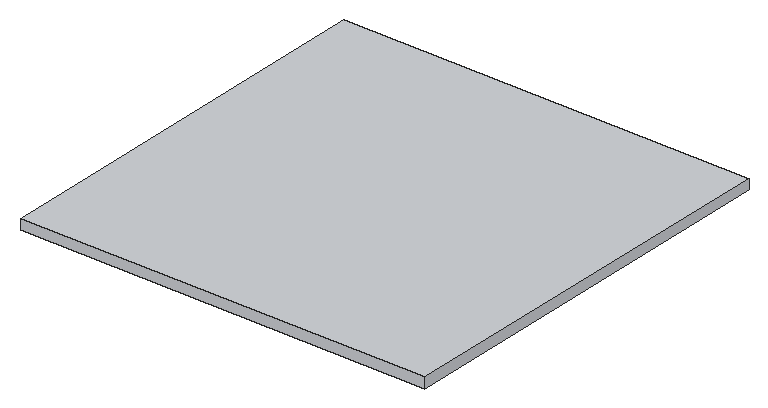
Revit family "79216", category Aparatos sanitarios, Revit 2017
Family settings
  Anfitrión = Cara
  Cota de conector redondo = Diámetro de uso
  Tipo de pieza = Normal
  Número OmniClass = 23.45.55.14
  Título OmniClass = Single Faucets
  Corte con vacíos al cargar = No
  Compartido = No
  Punto de cálculo de habitación = No
Parameters (values of type "79216")
  URL = "http://www.griferiasgalindo.com"
  Teléfono = "(+34) 915 782 575"
  TIPO DE AGUA = "Fria"
  REFERENCIA = "79216"
  Presión Máxima = "Max. 8 bar"
  PESO BRUTO = "1,500 Kg"
  Modelo = "PRESTO DOMO SENSIA - P con Alimentador 12V 2 Negro"
  Material = LATON CROMADO
  Imagen de tipo = <Ninguno>
  Fabricante = "PRESTO IBÉRICA"
  Default Elevation = 1219.2 mm
  ENTRADA = "Macho 1/2\""
  Descripción = "Grifo eléctronico para lavabo de un agua para instalación mural."
  Código de montaje = "C1030220"
  Contacto = "info@prestoiberica.com"
  Conexión AF = yes
  Conexión AC = no
  Comentarios de tipo = "Ahorro de agua y energia. Componentes integrados. Conexiones internas estancas. Suministrador con caja para empotrar. Cierre automático de electroválvula en caso de fallo de alimentación eléctrica. Aireador \"Flowing Ecosystems\". Aclarado automático c/24h. Pack de pila CR-P2 estanco. Temperatura máxima 70ºC"
  CIERRE = "Automático en 120 seg."
  CAUDAL = "6 l/min."
  Accionamiento = "Manual"
Reference planes
  plane 1 "Centro (Frontal/Posterior)": y = 0
  plane 2: z = 0
  plane 3 "Centro (Izquierda/Derecha)": x = 0
Forms (mm)
  Extrusion 1, solid
    sketch origin (0, 0, 0) x (1, 0, 0) y (0, 1, 0)
      loop
        line (-100, 100) -> (-100, -100) -> (100, -100) -> (100, 100) -> (-100, 100)
    from 0 to -5
Dimensions and locks
  Extrusion 1 sketch curve to plane 1 "Centro (Frontal/Posterior)" = 100 mm
  aligned and locked: plane 2 to Extrusion 1
  aligned and locked: level to Extrusion 1
Connectors
  piping at (0, -43.5, -62.5), diameter 12.7
    settings: on import instance, index 1, connector inside diameter 609.6 mm, connector length 0 mm, flow factor 0, pipe flow 0.0 L/s, pressure drop 0.0 Pa, fitting loss kfactor 0, connector angle 0.00°, fixture units 0, engagement length 0 mm, angle of deflection 0.00°, flow configuration 0, flow direction 1, fitting loss method 0, system type 20, joint type 0, gender type 0, connector reference index -1, connector utility 0, adjustable connector no, is connector primary yes, connector description ""
